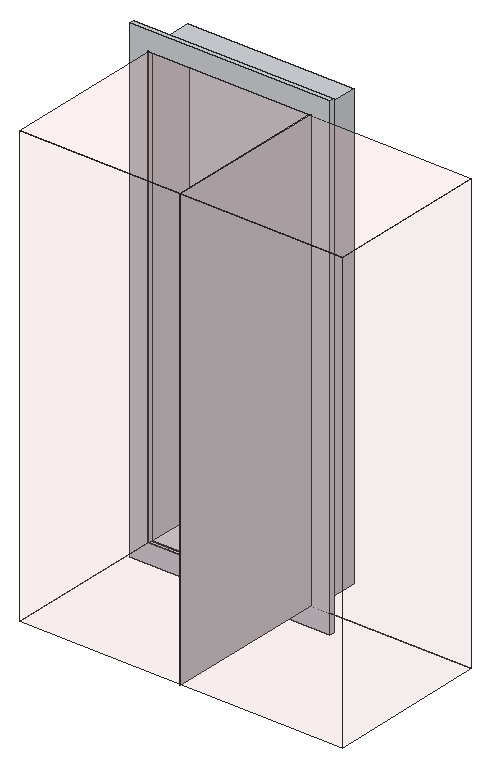
Revit family "Hager-VOLTA-Flush_mounted-IP30-With_Cover-Without_DIN-NoHosted-AT-de", category Electrical Equipment, Revit 2023
Family settings
  Panel Configuration = Two Columns, Circuits Across
  Round Connector Dimension = Use Diameter
  Part Type = Panelboard
  Work Plane-Based = Yes
  Always vertical = Yes
  Cut with Voids When Loaded = No
  Maintain Annotation Orientation = No
  Shared = No
  Room Calculation Point = No
Parameters (values of type "VOLTA-Flush_mounted_W348_H880_D98_12_Modular_Spacing-VU60WWH")
  Width Control [instance] = if([HG000006-Unterputz], if([EF000846 - Einbaubreite] > min_whd, [EF000846 - Einbaubreite], min_whd), if([EF000008 - Breite] > min_whd, ([EF000008 - Breite]), min_whd))  # 314.5 mm
  Void Depth [instance] = if([EF000218 - Einbautiefe] > 1 mm, [EF000218 - Einbautiefe], 1 mm)  # 89 mm
  Uniformat code = "D501001"
  Uniformat = "Low Tension Service & Dist."
  Référence = ""
  HGEF0002950-Breite in Teilungseinheiten = 12
  HGEF000266-Anzahl der Reihen = 0
  HG000131 - Functional label [instance] = ""
  HG000130 - Functional name [instance] = ""
  HG000099-Onfly Template ID-de-AT = "507532"
  HG000059-Operating voltage-de-AT [instance] = 230 V
  HG000017-Distanz zwischen den Polen = 18 mm
  HG000016-3D-Türsichtbarkeit = yes
  HG000015-Sichtbarkeit der Türöffnung = yes
  HG000014-Tür rechts = yes
  HG000013-Tür links = no
  HG000012-Türschwenkwinkel = 90.00°
  HG000011-Leere Reihen von unten = no
  HG000010-Asymmetrische Türen = no
  HG000009-Doppelflügeligen Tür = no
  HG000008-Anzahl der leeren Reihen = 0
  HG000007-Anzahl der leeren Spalten = 0
  HG000006-Unterputz = yes
  HG000005-Dicke = 2 mm
  HG000004-Herstellerreferenz = "VU60WWH"
  HG000003-Bereich = "VOLTA"
  HG000002-Mit tür = yes
  HG000001-Anzahl der Spalten = 0
  ETIM class name = "Small distribution board"
  ETIM class code = "EC000214"
  EF015941 - Signaldurchlassende Tür = yes
  EF015777 - Neutralleiterklemmenblock = yes
  EF015776 - Erdungsklemmenblock = yes
  EF009212 - Ausführung Deckel = "mit Ausschnitt"
  EF006306 - Mit Schloss = no
  EF006244 - Transparenter Deckel/Tür = no
  EF005474 - Schutzart (IP) = "IP30"
  EF004464 - Art der Tür = ""
  EF004462 - Art der Schließung = "sonstige"
  EF002950 - Breite in Teilungseinheiten = 12
  EF001596 - Werkstoff des Gehäuses = ""
  EF001134 - DIN-Schiene = no
  EF001131 - Innentiefe = 0 mm
  EF001088 - Anbaumöglichkeit = yes
  EF001062 - EMV-Ausführung = no
  EF000846 - Einbaubreite = 314.5 mm
  EF000339 - Art der Abdeckung = ""
  EF000332 - Einbauhöhe = 845 mm
  EF000266 - Anzahl der Reihen = 0
  EF000218 - Einbautiefe = 89 mm
  EF000118 - Mit Montageplatte = yes
  EF000116 - RAL-Nummer = 9010
  EF000049 - Tiefe = 98 mm
  EF000040 - Höhe = 880 mm
  EF000024 - UV-beständig = no
  EF000008 - Breite = 348 mm
  EF000007 - Farbe = "weiß"
  EF000003 - Montageart = "Unterputz"
  Type Comments = ""
  System Height [instance] = Height Control - 2 * [HG000005-Dicke]  # 841 mm
  Reference description = ""
  Reference = "VOLTA-Flush_mounted_W348_H880_D98_12_Modular_Spacing-VU60WWH"
  Panel Name [instance] = ""  # (empty or 0)
  Offset [instance] = 0 mm
  Object type = ""
  Name hager = "ADD_Enclosures_EC000214"
  Name BIM&CO = "Electricity"
  Name = "VOLTA-Flush_mounted-IP30-With_Cover-Without_DIN-AT"
  Model = ""
  Level Offset [instance] = [Flush Mounted - Door Frame Width] + Offset  # 35 mm
  HG000060-RAL-number = "9010"
  GTIN (Global Trade Item Number) = ""
  Description = ""
  Default Elevation = 1200 mm
  Creation Date = "12/15/2025 21:42:05"
  Code hager = "ADD-EC000214_EU"
  Code Uniformat = ""
  BIM&CO code = ""
  BC_VARIANT_ID = "1174039"
  BC_OBJECT_VERSION = "#3"  # constant formula
  BC_OBJECT_ID = "513455"  # constant formula
  BC_MODEL_ID = "1547062"  # constant formula
  BC_METADATA = "{\"ObjectGuid\":\"bc35c96e-cb38-443e-833d-0616858cb9ac\",\"ModelGuid\":\"8af03f69-2293-4735-a617-cc53adf55621\",\"VariantGuid\":\"8b6e323b-1b53-409a-a940-11b5a7fc5337\",\"Revision\":\"#4\",\"VariantName\":\"Template-Enclosure_EU-EC000214\"}"
  Arrow Offset [instance] = Depth Control / 8  # 11.125 mm
  Arrow Height [instance] = Depth Control - Arrow Offset  # 77.875 mm
  Host Offset [instance] = if([HG000006-Unterputz], 0 mm, [EF000049 - Tiefe])  # 0 mm
  min_whd [instance] = (2 * [HG000005-Dicke]) + 1 mm  # 5 mm
  Manufacturer = "Hager"  # constant formula
  Height Control [instance] = if([HG000006-Unterputz], if([EF000332 - Einbauhöhe] > min_whd, [EF000332 - Einbauhöhe], min_whd), if([EF000040 - Höhe] > min_whd, ([EF000040 - Höhe]), min_whd))  # 845 mm
  Flush Mounted - Door Frame Width [instance] = if(([EF000040 - Höhe] - [EF000332 - Einbauhöhe]) > 0 mm, if([HG000006-Unterputz], [EF000040 - Höhe] - [EF000332 - Einbauhöhe], 0 mm), 0 mm)  # 35 mm
  Depth Control [instance] = if([HG000006-Unterputz], if([EF000218 - Einbautiefe] > 0 mm, [EF000218 - Einbautiefe], 1 mm), if([EF000049 - Tiefe] > 0 mm, ([EF000049 - Tiefe]), 1 mm))  # 89 mm
Types (5, lengths in mm): name | HG000004-Herstellerreferenz | EF015941 - Signaldurchlassende Tür | EF015777 - Neutralleiterklemmenblock | EF015776 - Erdungsklemmenblock | EF000332 - Einbauhöhe | EF000040 - Höhe | System Height | Reference | BC_VARIANT_ID | Height Control
  VOLTA-Flush_mounted_W348_H630_D98_12_Modular_Spacing-VU36NW | "VU36NW" | no | yes | yes | 595 | 630 | 591 | "VOLTA-Flush_mounted_W348_H630_D98_12_Modular_Spacing-VU36NW" | "1174030" | 595
  VOLTA-Flush_mounted_W348_H755_D98_12_Modular_Spacing-VU48NW | "VU48NW" | no | no | no | 720 | 755 | 716 | "VOLTA-Flush_mounted_W348_H755_D98_12_Modular_Spacing-VU48NW" | "1174033" | 720
  VOLTA-Flush_mounted_W348_H755_D98_12_Modular_Spacing-VU48WWH | "VU48WWH" | yes | yes | yes | 720 | 755 | 716 | "VOLTA-Flush_mounted_W348_H755_D98_12_Modular_Spacing-VU48WWH" | "1174035" | 720
  VOLTA-Flush_mounted_W348_H880_D98_12_Modular_Spacing-VU60NW | "VU60NW" | no | yes | yes | 845 | 880 | 841 | "VOLTA-Flush_mounted_W348_H880_D98_12_Modular_Spacing-VU60NW" | "1174037" | 845
  VOLTA-Flush_mounted_W348_H880_D98_12_Modular_Spacing-VU60WWH | "VU60WWH" | yes | yes | yes | 845 | 880 | 841 | "VOLTA-Flush_mounted_W348_H880_D98_12_Modular_Spacing-VU60WWH" | "1174039" | 845
Reference planes
  plane 1 "Center (Front/Back)": y = 0
  plane 2: z = 0
  plane 3 "Center (Left/Right)": x = 0
  plane 4: y = 37
  plane 5: y = 89
  plane 6: y = 35
  plane 7: z = 0
  plane 8: x = -157.25
  plane 9: x = 157.25
  plane 10: x = 155.25
  plane 11: x = -155.25
  plane 12: z = 35
  plane 13: z = 37
  plane 14: y = 5
  plane 15: y = 0
  plane 16: y = 87
  plane 17: z = 878
  plane 18: z = 880
  plane 19: z = 457.5
  plane 20: x = 0
  plane 21: y = -100
  plane 22 "Annotation H": y = -300
  plane 23 "Annotation V": x = 357.25
Forms (mm)
  Extrusion 1, solid
    sketch origin (-208.679, -4572, 35) x (-1, 0, 0) y (0, -1, 0)
      loop
        line (-51.429, -4572) -> (-365.929, -4572) -> (-365.929, -4661) -> (-51.429, -4661) -> (-51.429, -4572)
    from 0 to 845 <- "Height Control"
  Extrusion 2, void
    sketch origin (-350.771, 0, 1219.2) x (1, 0, 0) y (0, 0, 1)
      loop
        line (195.521, -341.2) -> (195.521, -1182.2) -> (506.021, -1182.2) -> (506.021, -341.2) -> (195.521, -341.2)
    from 0 to -87
  Extrusion 3, solid, detail levels coarse+medium
    sketch origin (-350.771, 0, 1219.2) x (-1, 0, 0) y (0, 0, 1)
      loop
        line (-195.521, -341.2) -> (-506.021, -341.2) -> (-506.021, -1182.2) -> (-195.521, -1182.2) -> (-195.521, -341.2)
    from 0 to 2 <- "HG000005-Dicke"
Cuts and joins
  Extrusion 2 cuts Extrusion 1
Dimensions and locks
  "Flush Mounted - Door Frame Width": plane 1 "Center (Front/Back)" to plane 6
  "HG000005-Dicke": plane 4 to plane 6
  "HG000005-Dicke": plane 8 to plane 11
  "HG000005-Dicke": plane 9 to plane 10
  equal spacing: plane 8, plane 3 "Center (Left/Right)", plane 9
  "Width Control": plane 8 to plane 9
  locked: plane 14 to plane 15 at 5
  "Host Offset": plane 1 "Center (Front/Back)" to plane 15
  "Depth Control": plane 5 to plane 15
  "HG000005-Dicke": plane 5 to plane 16
  "HG000005-Dicke": plane 13 to plane 12
  "Level Offset": plane 12 to level
  "HG000005-Dicke": plane 18 to plane 17
  "Height Control": plane 18 to plane 12
  "Arrow Offset": plane 5 to nested 4
  equal spacing: plane 18, plane 19, plane 12
  locked: connector elem to plane 19
  locked: connector elem to plane 3 "Center (Left/Right)"
  Extrusion 2 sketch curve to Extrusion 2 sketch curve to plane 9 = 310.5 mm, 2 mm
  locked: plane 9 to plane 23 "Annotation V" at 200
  locked: plane 22 "Annotation H" to plane 1 "Center (Front/Back)" at 300
  aligned and locked: nested 1 to plane 14
  aligned and locked: plane 3 "Center (Left/Right)" to nested 1
  aligned and locked: plane 3 "Center (Left/Right)" to nested 2
  aligned and locked: nested 2 to plane 15
  aligned and locked: plane 5 to Extrusion 1
  aligned and locked: Extrusion 3 sketch curve to plane 17
  aligned and locked: Extrusion 3 sketch curve to plane 11
  aligned and locked: plane 13 to Extrusion 3 sketch curve
  aligned and locked: Extrusion 3 sketch curve to plane 10
  aligned and locked: plane 13 to Extrusion 2 sketch curve
  aligned and locked: Extrusion 2 sketch curve to plane 17
  aligned and locked: plane 16 to Extrusion 2
  aligned and locked: plane 5 to Extrusion 1 sketch curve
  aligned and locked: plane 9 to Extrusion 1 sketch curve
  aligned and locked: plane 8 to Extrusion 1 sketch curve
  aligned and locked: plane 8 to nested 4
  aligned and locked: plane 8 to nested 3
  aligned and locked: nested 3 to plane 5
  aligned and locked: Extrusion 1 sketch curve to plane 15
  aligned and locked: Extrusion 2 to plane 15
  aligned and locked: nested 5 to plane 22 "Annotation H"
  aligned and locked: plane 23 "Annotation V" to nested 5
  aligned and locked: plane 11 to Extrusion 2
  aligned and locked: plane 10 to Extrusion 2
Nested families
  nested 1: "Hager_Enclosure_System" at (0, 5, 37), Height <- "System Height", Width_Control <- "Width Control", Built-in_Width <- "EF000846 - Einbaubreite", Width <- "EF000008 - Breite", Depth <- "HG000005-Dicke", Border <- "HG000005-Dicke", Distance_Between_Poles <- "HG000017-Distanz zwischen den Polen", Flush_Mounted <- "HG000006-Unterputz", Empty_Columns <- "HG000007-Anzahl der leeren Spalten", Total_No_Empty_Rows <- "HG000008-Anzahl der leeren Reihen", Empty_Rows_From_Bottom <- "HG000011-Leere Reihen von unten", Columns_Count <- "HG000001-Anzahl der Spalten", Rows_Count <- "HGEF000266-Anzahl der Reihen", Row_Module_Multiplicator <- "HGEF0002950-Breite in Teilungseinheiten", type "Hager_Enclosure_System", detail levels medium+fine
    with Width_Control 314.5 mm, Width 348 mm, Total_No_Rows 0, Total_No_Empty_Rows 0, Total_No_Columns 1, System_Width 310.5 mm, Rows_Count 0, Rows_Column 0, Row_Module_Multiplicator 12, Panel_4 no, Panel_3 no, Panel_2 no, Panel_1 no, No_Panels_Ctrl 1, Hide_Columns yes, Height 841 mm, Flush_Mounted yes, Empty_Rows_From_Bottom no, Empty_Rows_Column 0, Empty_Columns 0, Empty column 4 0, Empty column 3 0, Empty column 2 0, Empty column 1 0, Distance_Between_Poles 18 mm, Depth 2 mm, Columns_Count 0, Column_Width 310.5 mm, Built-in_Width 314.5 mm, Border 2 mm
  nested 2: "Hager_Enclosure_Door" at (0, 0, 35), Height_Ctrl <- "Height Control", Width_Ctrl <- "Width Control", BuiltIn_Depth <- "EF000218 - Einbautiefe", Depth <- "EF000049 - Tiefe", BuiltIn_Width <- "EF000846 - Einbaubreite", Height <- "EF000040 - Höhe", BuiltIn_Height <- "EF000332 - Einbauhöhe", Width <- "EF000008 - Breite", Transparent <- "EF006244 - Transparenter Deckel/Tür", Border <- "HG000005-Dicke", Door <- "HG000002-Mit tür", Flush_Mounted <- "HG000006-Unterputz", Double <- "HG000009-Doppelflügeligen Tür", Assymetrical <- "HG000010-Asymmetrische Türen", Angle <- "HG000012-Türschwenkwinkel", Door_Left <- "HG000013-Tür links", Door_Right <- "HG000014-Tür rechts", Clearance <- "HG000015-Sichtbarkeit der Türöffnung", 3d_Door <- "HG000016-3D-Türsichtbarkeit", type "Hager_Enclosure_Door", detail levels medium+fine
    with min_wh 5 mm, Width_Ctrl 314.5 mm, Width 348 mm, Transparent_Door_No_Bottom_Border no, Transparent no, Leaf_Width 307.5 mm, Leaf_Tolerance 1.5 mm, Leaf_Height 838 mm, Leaf_2_Width 307.5 mm, Leaf_2_Offset 153.75 mm, Leaf_1_Width 307.5 mm, Leaf_1_Offset 153.75 mm, Height_Ctrl 845 mm, Height 880 mm, Frame_Width_Ctrl 33.5 mm, Frame_Width 33.5 mm, Frame_Internal_Offset 2 mm, Frame_Height_Ctrl 35 mm, Frame_Height 35 mm, Frame_Depth_Ctrl 9 mm, Frame_Depth 9 mm, Flush_Mounted yes, Double_Clearance_Ctrl no, Double no, Door_Right_Ctrl yes, Door_Right yes, Door_Left_Ctrl no, Door_Left no, Door yes, Depth 98 mm, Clearance_Depth 307.5 mm, Clearance_Ctrl yes, Clearance yes, BuiltIn_Width 314.5 mm, BuiltIn_Height 845 mm, BuiltIn_Depth 89 mm, Border 2 mm, Assymetrical no, Angle 90.00°, 3d_Door yes
  nested 3: "Hager_Enclosure_Symbol_Triangle" at (-157.25, 89, 0), Depth <- "Depth Control", Width <- "Width Control", type "Hager_Enclosure_Symbol_Triangle"
    with Width_Ctrl 314.5 mm, Width 314.5 mm, Depth_Ctrl 89 mm, Depth 89 mm
  nested 4: "Hager_Enclosure_Symbol_Arrow" at (-157.25, 77.875, 0), Height <- "Arrow Height", type "Hager_Enclosure_Symbol_Arrow"
    with Width_Inside 5.841 mm, Width 70.087 mm, Height_Ctrl 77.875 mm, Height 77.875 mm
  nested 5: "Hager_Annotation-HG000130" at (357.25, -300, 0), HG000130 - Functional name <- "HG000130 - Functional name", type "Hager_Annotation-HG000130"
    with HG000130 - Functional name ""
Connectors
  electrical at (0, 89, 457.5), driven by "HG000059-Operating voltage-de-AT"
    settings: on plane 5, index 1, voltage 230 V, apparent load 0 VA, apparent load phase1 0 VA, apparent load phase2 0 VA, apparent load phase3 0 VA, power factor 1, load classification "Other", number of poles 1, system type 30, power factor state 1, is connector primary yes, connector utility no, sub classification motor no, connector description ""
Definition of nested family "Hager_Enclosure_Door"
  Parameters (values of type "Hager_Enclosure_Door")
    min_wh [instance] = (2 * Border) + 1 mm  # 11 mm
    Width_Ctrl [instance] = 400 mm
    Width [instance] = 500 mm
    Transparent_Door_No_Bottom_Border [instance] = no
    Transparent [instance] = yes
    Leaf_Width [instance] = if((Width_Ctrl - 2 * Border - 2 * Leaf_Tolerance) > 0 mm, (Width_Ctrl - 2 * Border - 2 * Leaf_Tolerance), min_wh)  # 387 mm
    Leaf_Tolerance [instance] = 1.5 mm  # constant formula
    Leaf_Height [instance] = if((Height_Ctrl - 2 * Border - 2 * Leaf_Tolerance) > 0 mm, (Height_Ctrl - 2 * Border - 2 * Leaf_Tolerance), min_wh)  # 387 mm
    Leaf_2_Width [instance] = if(and(and(Double, Assymetrical), Door_Left), (Leaf_Width / 3) - (Leaf_Tolerance / 2), if(and(and(Double, Assymetrical), Door_Right), (Leaf_Width / 3) * 2 - (Leaf_Tolerance / 2), if(and(Double, not(Assymetrical)), (Leaf_Width / 2) - Leaf_Tolerance, Leaf_Width)))  # 387 mm
    Leaf_2_Offset [instance] = if(and(Double, Assymetrical), Leaf_2_Width / 2, if(and(Double, not(Assymetrical)), Leaf_Width / 4, Leaf_Width / 2))  # 193.5 mm
    Leaf_1_Width [instance] = if(and(and(Double, Assymetrical), Door_Right), (Leaf_Width / 3) - (Leaf_Tolerance / 2), if(and(and(Double, Assymetrical), Door_Left), (Width / 3) * 2 - (Leaf_Tolerance / 2), if(and(Double, not(Assymetrical)), (Leaf_Width / 2) - Leaf_Tolerance, Leaf_Width)))  # 387 mm
    Leaf_1_Offset [instance] = if(and(Double, Assymetrical), Leaf_1_Width / 2, if(and(Double, not(Assymetrical)), Leaf_Width / 4, Leaf_Width / 2))  # 193.5 mm
    Height_Ctrl [instance] = 400 mm
    Height [instance] = 500 mm
    Frame_Width_Ctrl [instance] = if(Frame_Width > 0 mm, Frame_Width, 1 mm)  # 1 mm
    Frame_Width [instance] = Width - BuiltIn_Width  # 0 mm
    Frame_Internal_Offset [instance] = if(Flush_Mounted, Border, 0 mm)  # 5 mm
    Frame_Height_Ctrl [instance] = if(Frame_Height > 0 mm, Frame_Height, 1 mm)  # 1 mm
    Frame_Height [instance] = Height - BuiltIn_Height  # 0 mm
    Frame_Depth_Ctrl [instance] = if(Frame_Depth > 0 mm, Frame_Depth, 1 mm)  # 1 mm
    Frame_Depth [instance] = if(Depth - BuiltIn_Depth > 0 mm, if(Flush_Mounted, Depth - BuiltIn_Depth, 0 mm), 0 mm)  # 0 mm
    Flush_Mounted [instance] = yes
    Double_Clearance_Ctrl [instance] = and(Double, Clearance)  # no
    Double [instance] = no
    Door_Right_Ctrl [instance] = and(or(Door_Right, Double), Door)  # yes
    Door_Right [instance] = yes
    Door_Left_Ctrl [instance] = and(or(Door_Left, Double), Door)  # no
    Door_Left [instance] = no
    Door [instance] = yes
    Depth [instance] = 500 mm
    Default Elevation = 1219.2 mm
    Clearance_Material = none
    Clearance_Depth [instance] = if(Leaf_1_Width > Leaf_2_Width, Leaf_1_Width, Leaf_2_Width)  # 387 mm
    Clearance_Ctrl [instance] = and(not(Double), Clearance)  # yes
    Clearance [instance] = yes
    BuiltIn_Width [instance] = 500 mm
    BuiltIn_Height [instance] = 500 mm
    BuiltIn_Depth [instance] = 500 mm
    Border [instance] = 5 mm
    Assymetrical [instance] = yes
    Angle [instance] = 30.00°
    3d_Door [instance] = yes
  Reference planes
    plane 1 "Center (Front/Back)": y = 0
    plane 2 "Bottom": z = 0
    plane 3 "Center (Left/Right)": x = 0
    plane 4: z = 400
    plane 5: x = -200
    plane 6: x = 200
    plane 7: z = 395
    plane 8: x = -195
    plane 9: z = 5
    plane 10: x = 195
    plane 11: y = 0
    plane 12: z = 6.5
    plane 13: x = -582
    plane 14: y = -387
    plane 15: x = 582
    plane 16: x = 0
    plane 17: x = 0
    plane 18: x = -193.5
    plane 19: x = 193.5
    plane 20: z = 393.5
  Forms (mm)
    Extrusion 1, solid, visible <- "Flush_Mounted"
      sketch origin (0, 0, 0) x (1, 0, 0) y (0, 0, 1)
        loop
          line (195, 5) -> (195, 395) -> (-195, 395) -> (-195, 5) -> (195, 5)
        loop
          line (-201, 401) -> (-201, -1) -> (201, -1) -> (201, 401) -> (-201, 401)
      from 0 to 1 <- "Frame_Depth_Ctrl"
    Extrusion 2, solid, material <- "Clearance_Material", visible <- "Double_Clearance_Ctrl"
      sketch origin (1200, 0, 0) x (1, 0, 0) y (0, 0, -1)
        loop
          line (-1782, -393.5) -> (-618, -393.5) -> (-618, 0) -> (-1782, 0) -> (-1782, -393.5)
      from 0 to -387
  Dimensions and locks
    equal spacing: plane 5, plane 3 "Center (Left/Right)", plane 6
    "Width_Ctrl": plane 5 to plane 6
    "Border": plane 5 to plane 8
    "Border": plane 6 to plane 10
    "Border": plane 9 to level
    "Border": plane 4 to plane 7
    "Height_Ctrl": plane 4 to level
    "Leaf_Tolerance": plane 12 to plane 9
    "Frame_Depth": plane 11 to plane 1 "Center (Front/Back)"
    "Frame_Width_Ctrl": plane 5 to Extrusion 1 sketch curve
    "Frame_Width_Ctrl": plane 6 to Extrusion 1 sketch curve
    "Frame_Width_Ctrl": Extrusion 1 sketch curve to plane 4
    "Frame_Width_Ctrl": plane 2 "Bottom" to Extrusion 1 sketch curve
    "Leaf_1_Offset": plane 18 to plane 16
    "Leaf_2_Offset": plane 17 to plane 19
    "Leaf_1_Width": plane 13 to plane 8
    "Leaf_2_Width": plane 10 to plane 15
    "Clearance_Depth": plane 14 to plane 1 "Center (Front/Back)"
    "Leaf_Tolerance": plane 8 to plane 18
    "Leaf_Tolerance": plane 19 to plane 10
    "Leaf_Tolerance": plane 7 to plane 20
    "Frame_Internal_Offset": plane 5 to Extrusion 1 sketch curve
    "Frame_Internal_Offset": Extrusion 1 sketch curve to plane 2 "Bottom"
    "Frame_Internal_Offset": plane 6 to Extrusion 1 sketch curve
    "Frame_Internal_Offset": plane 4 to Extrusion 1 sketch curve
    aligned and locked: level to plane 2 "Bottom"
    aligned and locked: nested 1 to plane 16
    aligned and locked: nested 2 to plane 17
    aligned and locked: Extrusion 2 to plane 13
    aligned and locked: plane 15 to Extrusion 2
    aligned and locked: Extrusion 2 to plane 14
    aligned and locked: plane 12 to nested 1
    aligned and locked: nested 2 to plane 12
    aligned and locked: Extrusion 2 to plane 11
    aligned and locked: plane 20 to Extrusion 2
    aligned and locked: nested 2 to plane 11
    aligned and locked: nested 1 to plane 11
  Automatic sketch dimensions
    Extrusion 2 sketch curve to level = 0 mm
    plane 5 to Extrusion 2 sketch curve = 382 mm
    plane 6 to Extrusion 2 sketch curve = 382 mm
    Extrusion 2 sketch curve to plane 4 = 6.5 mm
  Nested families
    nested 1: "Hager_Enclosure_Door_Leaf" at (0, 0, 6.5), Width <- "Leaf_1_Width", visible <- "Door_Left_Ctrl", Leaf_Height <- "Leaf_Height", Angle <- "Angle", Depth <- "Border", 3d_Door <- "3d_Door", Transparent <- "Transparent", Clearance Material <- "Clearance_Material", Clearance <- "Clearance_Ctrl", Transparent_Door_No_Bottom_Border <- "Transparent_Door_No_Bottom_Border", type "Hager_Enclosure_Door_Leaf"
      with Width 387 mm, Transparent_Door_No_Bottom_Border no, Transparent_Door_Border_Bottom_Top 25 mm, Transparent_Door_Border 25 mm, Transparent_Ctrl yes, Transparent yes, Standard no, Leaf_Height 387 mm, Glass_Offset 1 mm, Depth 5 mm, Clearance Material none, Clearance yes, Angle_Ctrl 30.00°, Angle 30.00°, 3d_Door yes
    nested 2: "Hager_Enclosure_Door_Leaf" at (0, 0, 6.5) x (-1, 0, 0) z (0, 0, 1), Width <- "Leaf_2_Width", visible <- "Door_Right_Ctrl", Leaf_Height <- "Leaf_Height", Angle <- "Angle", Depth <- "Border", 3d_Door <- "3d_Door", Transparent <- "Transparent", Clearance Material <- "Clearance_Material", Clearance <- "Clearance_Ctrl", Transparent_Door_No_Bottom_Border <- "Transparent_Door_No_Bottom_Border", type "Hager_Enclosure_Door_Leaf"
      with Width 387 mm, Transparent_Door_No_Bottom_Border no, Transparent_Door_Border_Bottom_Top 25 mm, Transparent_Door_Border 25 mm, Transparent_Ctrl yes, Transparent yes, Standard no, Leaf_Height 387 mm, Glass_Offset 1 mm, Depth 5 mm, Clearance Material none, Clearance yes, Angle_Ctrl 30.00°, Angle 30.00°, 3d_Door yes
  Definition of nested family "Hager_Enclosure_Door_Leaf"
    Parameters (values of type "Hager_Enclosure_Door_Leaf")
      Width [instance] = 2000 mm
      Transparent_Door_No_Bottom_Border [instance] = yes
      Transparent_Door_Border_Bottom_Top [instance] = if(Transparent_Door_No_Bottom_Border, 0.1 mm, Transparent_Door_Border)  # 0.1 mm
      Transparent_Door_Border [instance] = if(Transparent_Door_No_Bottom_Border, (Width * 0.12), 25 mm)  # 240 mm
      Transparent_Ctrl [instance] = and(Transparent, [3d_Door])  # yes
      Transparent [instance] = yes
      Standard [instance] = and(not(Transparent), [3d_Door])  # no
      Leaf_Height [instance] = 2720.336 mm
      Glass_Offset [instance] = if((Depth - 10 mm) / 2 > 0 mm, (Depth - 10 mm) / 2, 1 mm)  # 15 mm
      Glass_Material = none
      Depth [instance] = 40 mm
      Default Elevation = 0 mm
      Clearance Material [instance] = none
      Clearance [instance] = yes
      Angle_Ctrl [instance] = if(Angle > 170.00°, 170.00°, Angle)  # 45.00°
      Angle [instance] = 45.00°
      3d_Door [instance] = yes
    Reference planes
      plane 1 "Center (Front/Back)": y = 0
      plane 2: z = 0
      plane 3 "Center (Left/Right)": x = 0
      plane 4: y = 2000
      plane 5: x = -1000
      plane 6: x = 1000
      plane 7: x = -3000
      plane 8: z = 2720.336
      plane 9: z = 0.1
      plane 10: z = 2720.236
      plane 11: x = 760
      plane 12: x = -760
    Forms (mm)
      Extrusion 1, solid, material <- "Clearance Material", visible <- "Clearance"
        sketch origin (0, 0, 0) x (1, 0, 0) y (0, 0, 1)
          loop
            line (-3000, 2720.336) -> (-3000, 0) -> (1000, 0) -> (1000, 2720.336) -> (-3000, 2720.336)
        from 0 to -2000
      Extrusion 2, solid, visible <- "Standard", detail levels medium+fine
        sketch origin (-1000, 0, 0) x (0.707107, 0.707107, 0) y (-0.707107, 0.707107, 0)
          loop
            line (0, -40) -> (2000, -40) -> (2000, 0) -> (0, 0) -> (0, -40)
        from 0 to 2720.336 <- "Leaf_Height"
      Extrusion 3, solid, visible <- "Transparent_Ctrl", detail levels medium+fine
        sketch origin (-1000, 0, 0) x (0.707107, 0.707107, 0) y (-0.707107, 0.707107, 0)
          loop
            line (0, -40) -> (2000, -40) -> (2000, 0) -> (0, 0) -> (0, -40)
        from 0 to 2720.336 <- "Leaf_Height"
      Extrusion 4, void, detail levels medium+fine
        sketch origin (-1000, 0, 0) x (-0.707107, 0.707107, 0) y (0.707107, 0.707107, 0)
          loop
            line (0, 240) -> (0, 1760) -> (-40, 1760) -> (-40, 240) -> (0, 240)
        from -2720.236 to -0.1
      Extrusion 5, solid, material <- "Glass_Material", visible <- "Transparent_Ctrl", detail levels medium+fine
        sketch origin (-1000, 0, 0) x (0.707107, 0.707107, 0) y (-0.707107, 0.707107, 0)
          loop
            line (240, -15) -> (240, -25) -> (1760, -25) -> (1760, -15) -> (240, -15)
        from 0.1 to 2720.236
    Cuts and joins
      Extrusion 4 cuts Extrusion 3
    Lines and regions (mm)
      symbolic lines
        curve 1: line (1000, 0, 0) -> (-3000, 0, 0)
        curve 2: arc (1000, 0, 0) -> (-1000, 2000, 0) -> (-3000, 0, 0) r 2000
        curve 4: line (-1000, 0, 0) -> (414.214, 1414.214, 0)
      reference lines
        curve 3: line (-1000, 0, 0) -> (414.214, 1414.214, 0)
      symbolic lines, detail levels medium+fine
        curve 5: line (414.214, 1414.214, 0) -> (442.498, 1385.929, 0)
        curve 6: line (442.498, 1385.929, 0) -> (-971.716, -28.284, 0)
        curve 7: line (-971.716, -28.284, 0) -> (-1000, 0, 0)
        curve 8: line (-1000, 0, 2720.336) -> (1000, 0, 2720.336)
        curve 9: line (-1000, 0, 0) -> (-1000, 0, 2720.336)
        curve 10: line (1000, 0, 0) -> (-1000, 0, 0)
        curve 11: line (1000, 0, 2720.336) -> (1000, 0, 0)
      symbolic lines, visible <- "Transparent_Ctrl", detail levels medium+fine
        curve 12: line (-760, 0, 2720.236) -> (760, 0, 2720.236)
        curve 13: line (-760, 0, 0.1) -> (-760, 0, 2720.236)
        curve 14: line (760, 0, 0.1) -> (-760, 0, 0.1)
        curve 15: line (760, 0, 2720.236) -> (760, 0, 0.1)
    Dimensions and locks
      "Width": plane 1 "Center (Front/Back)" to plane 4
      equal spacing: plane 5, plane 3 "Center (Left/Right)", plane 6
      "Width": plane 5 to plane 6
      "Width": plane 7 to plane 5
      "Leaf_Height": plane 8 to level
      "Depth": curve 6 to curve 3
      "Width": curve 5 to curve 3
      "Width": curve 3 to curve 3
      "Transparent_Door_Border": Extrusion 4 sketch curve to curve 7
      "Transparent_Door_Border": Extrusion 4 sketch curve to curve 5
      "Transparent_Door_Border_Bottom_Top": plane 8 to plane 10
      "Transparent_Door_Border_Bottom_Top": plane 9 to level
      "Glass_Offset": Extrusion 5 sketch curve to curve 4
      "Glass_Offset": Extrusion 5 sketch curve to curve 6
      "Transparent_Door_Border": Extrusion 5 sketch curve to curve 5
      "Transparent_Door_Border": Extrusion 5 sketch curve to curve 7
      "Transparent_Door_Border": plane 12 to plane 5
      "Transparent_Door_Border": plane 6 to plane 11
      "Angle_Ctrl": angle plane 1 "Center (Front/Back)" to curve 3
      aligned and locked: level to plane 2
      aligned and locked: Extrusion 1 to curve 1
      aligned and locked: plane 6 to Extrusion 1
      aligned and locked: Extrusion 1 to plane 1 "Center (Front/Back)"
      aligned and locked: plane 4 to Extrusion 1
      aligned and locked: plane 8 to Extrusion 1
      aligned and locked: curve 4 to curve 3
      aligned and locked: Extrusion 2 sketch curve to curve 7
      aligned and locked: Extrusion 2 sketch curve to curve 6
      aligned and locked: Extrusion 2 sketch curve to curve 5
      aligned and locked: Extrusion 2 sketch curve to curve 3
      aligned and locked: curve 7 to Extrusion 3 sketch curve
      aligned and locked: Extrusion 3 sketch curve to curve 4
      aligned and locked: Extrusion 3 sketch curve to curve 6
      aligned and locked: Extrusion 3 sketch curve to curve 5
      aligned and locked: curve 4 to Extrusion 4 sketch curve
      aligned and locked: curve 6 to Extrusion 4 sketch curve
      aligned and locked: Extrusion 4 to plane 9
      aligned and locked: Extrusion 4 to plane 10
      aligned and locked: Extrusion 5 to plane 9
      aligned and locked: Extrusion 5 to plane 10
      aligned and locked: curve 8 to plane 8
      aligned and locked: plane 5 to curve 9
      aligned and locked: plane 2 to curve 10
      aligned and locked: curve 11 to plane 6
      aligned and locked: plane 10 to curve 12
      aligned and locked: plane 12 to curve 13
      aligned and locked: curve 14 to plane 9
      aligned and locked: plane 11 to curve 15
    Automatic sketch dimensions
      plane 1 "Center (Front/Back)" to curve 2 = 0 mm
      curve 2 to plane 5 = 0 mm
      Extrusion 1 sketch curve to level = 0 mm
      Extrusion 1 sketch curve to plane 7 = 0 mm
      Extrusion 1 sketch curve to plane 6 = 0 mm
      Extrusion 1 sketch curve to plane 8 = 0 mm
      plane 1 "Center (Front/Back)" to curve 3 = 0 mm
      curve 3 to plane 5 = 0 mm
      curve 7 to curve 3 = 0 mm
Definition of nested family "Hager_Enclosure_Symbol_Triangle"
  Parameters (values of type "Hager_Enclosure_Symbol_Triangle")
    Width_Ctrl [instance] = if(Width > 1 mm, Width, 1 mm)  # 498 mm
    Width [instance] = 498 mm
    Depth_Ctrl [instance] = if(Depth > 1 mm, Depth, 1 mm)  # 72 mm
    Depth [instance] = 72 mm
  Reference planes
    plane 1 "Centre (avant/arrière)": y = 0
    plane 2: z = 0
    plane 3 "Centre (gauche/droite)": x = 0
  Lines and regions (mm)
    Filled region 1, type "Solid_Black", in view "Niveau de réf."
      outline origin (0, 0, 0) x (1, 0, 0) y (0, 1, 0)
        loop
          line (0, 0) -> (498, 0) -> (498, 72) -> (0, 0)
    reference lines, in view "Niveau de réf."
      curve 1: line (-206.153, 72, 0) -> (1083.258, 72, 0)
      curve 2: line (498, 405.456, 0) -> (498, -517.619, 0)
  Dimensions and locks
    "Depth_Ctrl": plane 1 "Centre (avant/arrière)" to curve 1
    "Width_Ctrl": plane 3 "Centre (gauche/droite)" to curve 2
    aligned and locked: curve 1 to Filled region 1 sketch curve
    aligned and locked: Filled region 1 sketch curve to plane 1 "Centre (avant/arrière)"
    aligned and locked: curve 2 to Filled region 1 sketch curve
    aligned and locked: plane 3 "Centre (gauche/droite)" to Filled region 1 sketch curve
    aligned and locked: plane 1 "Centre (avant/arrière)" to Filled region 1 sketch curve
  Automatic sketch dimensions
    curve 1 to plane 3 "Centre (gauche/droite)" = 206.153 mm
    curve 2 to curve 1 = 585.258 mm
    plane 1 "Centre (avant/arrière)" to curve 2 = 517.619 mm
    curve 2 to plane 1 "Centre (avant/arrière)" = 405.456 mm
Definition of nested family "Hager_Enclosure_Symbol_Arrow"
  Parameters (values of type "Hager_Enclosure_Symbol_Arrow")
    Width_Inside [instance] = if(Width / 12 > 2 mm, Width / 12, 2 mm)  # 4.987 mm
    Width [instance] = if(Height_Ctrl * 0.9 > 2 mm, Height_Ctrl * 0.9, 2 mm)  # 59.85 mm
    Height_Ctrl [instance] = if(Height > 2 mm, Height, 2 mm)  # 66.5 mm
    Height [instance] = 66.5 mm
  Reference planes
    plane 1 "Centre (avant/arrière)": y = 0
    plane 2: z = 0
    plane 3 "Centre (gauche/droite)": x = 0
    plane 4: x = 59.85
    plane 5: y = 28.263
    plane 6: y = 38.238
    plane 7: y = 66.5
    plane 8: x = 29.925
    plane 9: y = 33.25
  Lines and regions (mm)
    Filled region 1, type "Solid_Black", in view "Niveau de réf."
      outline origin (0, 0, 0) x (1, 0, 0) y (0, 1, 0)
        loop
          line (59.85, 66.5) -> (37.929, 52.827) -> (51.846, 41.935) -> (59.85, 66.5)
    detail lines, in view "Niveau de réf."
      curve 1: line (0, 0, 0) -> (29.925, 38.238, 0)
      curve 2: line (29.925, 38.238, 0) -> (29.925, 28.263, 0)
      curve 3: line (29.925, 28.263, 0) -> (59.85, 66.5, 0)
  Dimensions and locks
    "Width": plane 3 "Centre (gauche/droite)" to plane 4
    "Height_Ctrl": plane 7 to plane 1 "Centre (avant/arrière)"
    equal spacing: plane 3 "Centre (gauche/droite)", plane 8, plane 4
    equal spacing: plane 7, plane 9, plane 1 "Centre (avant/arrière)"
    equal spacing: plane 6, plane 9, plane 5
    "Width_Inside": plane 6 to plane 9
    equal spacing: curve 3, Filled region 1 sketch curve, Filled region 1 sketch curve
    angle Filled region 1 sketch curve to curve 3 = 20.00°
    angle curve 3 to Filled region 1 sketch curve = 20.00°
    locked: curve 3 to Filled region 1 sketch curve (angle 90.00°)
  Automatic sketch dimensions
    plane 1 "Centre (avant/arrière)" to curve 1 = 0 mm
    curve 1 to plane 3 "Centre (gauche/droite)" = 0 mm
    curve 2 to plane 6 = 0 mm
    curve 3 to plane 8 = 0 mm
    curve 3 to plane 4 = 0 mm
    curve 2 to plane 5 = 0 mm
    curve 3 to plane 7 = 0 mm
    Filled region 1 sketch curve to plane 4 = 0 mm
    Filled region 1 sketch curve to plane 7 = 0 mm
Definition of nested family "Hager_Annotation-HG000130"
  Parameters (values of type "Hager_Annotation-HG000130")
    HG000130 - Functional name [instance] = ""
  Reference planes
    plane 1: y = 0
    plane 2: x = 0
  Lines and regions (mm)
    detail lines
      curve 1: line (-27.5, 10, 0) -> (27.5, 10, 0)
      curve 2: line (-27.5, -10, 0) -> (-27.5, 10, 0)
      curve 3: line (27.5, -10, 0) -> (-27.5, -10, 0)
      curve 4: line (27.5, 10, 0) -> (27.5, -10, 0)
  Text (mm)
    label "HG000130 - Functional name" at (0.16, 0.026, 0), shows "HG000130 - Functional name"
